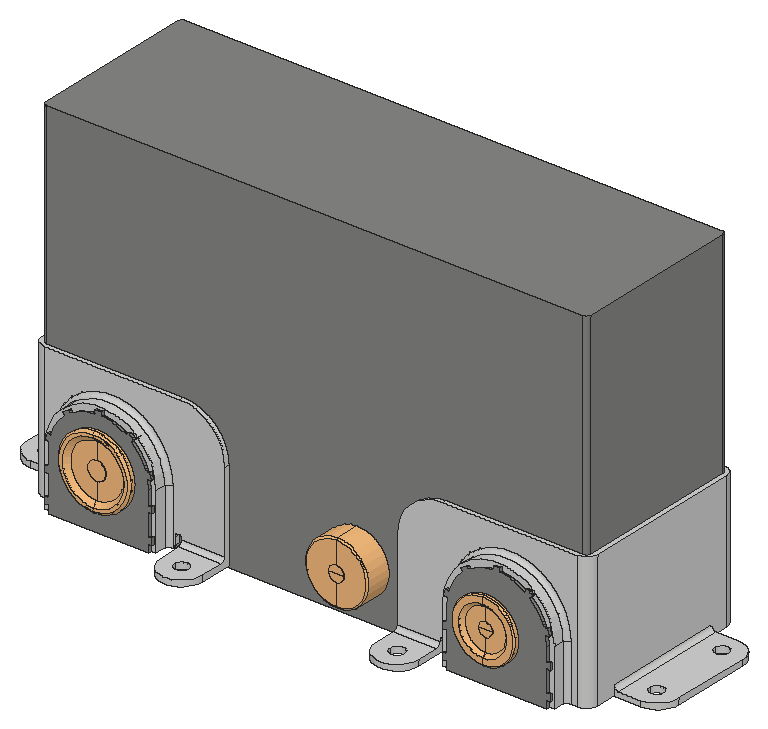
Revit family "Valve-Two_Outlet_Thermostatic-KOHLER-26340W", category Plumbing Fixtures, host Face, Revit 2017
Family settings
  Host = Face
  Round Connector Dimension = Use Diameter
  Part Type = Normal
  OmniClass Number = 23.27.31.00
  OmniClass Title = Valves
  Cut with Voids When Loaded = No
  Shared = No
  Room Calculation Point = No
Parameters (values of type "NA- Not applicable")
  Width = 11 51/128"  # constant formula
  WaterSense Certified = 1 = 0  # no
  Waste Connection = 1 = 0  # no
  Vent Connection = 1 = 0  # no
  Tempered Water Outlet 2 Up [instance] = no
  Tempered Water Outlet 1 Up [instance] = no
  Tempered Water Outlet 2 = "Tempered Water Outlet 2"  # constant formula
  Tempered Water Outlet 1 = "Tempered Water Outlet 1"  # constant formula
  URL = "https://www.kohler.co.uk/"
  Type = 1
  Product Page URL = ""
  Product Name = ""
  Product Documentation Link = ""
  Pressure = 0.00 psi
  Model = "26340W-NA"  # constant formula
  Material = "Plastic"  # constant formula
  Master Format 2014 Name = "Control Valves"  # constant formula
  Master Format 2014 = "23 09 13.33"  # constant formula
  Manufacturer Address = "Cromwell Road, Cheltenham, Gloucestershire. GL52 5EP Registered in England No. 252115\r\n"  # constant formula
  Manufacturer = "KOHLER Co."  # constant formula
  Length = 6 13/128"  # constant formula
  Hot Water Inlet = "Hot Water Inlet"  # constant formula
  Height = 4 113/128"  # constant formula
  HW Connection = 1 = 1  # yes
  Flow Rate = 1.75 GPM  # constant formula
  Finish = Kohler-Plastic-58-Thunder_Grey
  Environmental Product Declaration = ""
  Description = "Recessed thermostatic valve-2-outlet"  # constant formula
  Default Elevation = 42"
  Declare Label = ""
  Date Modified = "02/12/2021"  # constant formula
  Date Created = "02/12/2021"  # constant formula
  Copyright = "Copyright KOHLER Co."  # constant formula
  Contact Us = "https://www.kohler.co.uk/support/contact/"
  Cold Water Inlet = "Cold Water Inlet"  # constant formula
  CW Connection = 1 = 1  # yes
  Tempered Water Outlet 2 Down [instance] = not(Tempered Water Outlet 2 Up)  # yes
  Tempered Water Outlet 1 Down [instance] = not(Tempered Water Outlet 1 Up)  # yes
  Assembly Code = "D2020"
  ADA Compliant = 1 = 0  # no
Reference planes (in)
  plane 1 "Center (Front/Back)": y = 0
  plane 2: z = 0
  plane 3 "Center (Left/Right)": x = 0
  plane 4: y = 2.44094
  plane 5: y = -2.44188
  plane 6: y = 1.98819
  plane 7: y = -1.98819
  plane 8: z = 0
  plane 9: z = -5.21654
  plane 10: z = -5.11811
  plane 11: x = -5.69882
  plane 12: x = 5.69962
  plane 13: x = 3.29724
  plane 14: x = 0.73819
  plane 15: x = -3.48914
  plane 16: x = -4.85236
  plane 17: x = 4.85236
  plane 18: y = -1.51575
  plane 19: y = 1.51575
  plane 20: z = -6.10156
  plane 21: y = 0.70866
  plane 22: y = -0.70866
  plane 23: x = -5.3248
  plane 24: x = 5.3248
  plane 25: x = -1.87992
  plane 26: x = 1.87992
Forms (in)
  Extrusion 1, void
    sketch origin (0, 0, 0) x (1, 0, 0) y (0, 1, 0)
      loop
        line (-4.85236, 1.59449) -> (-4.85236, -1.59449) -> (4.85236, -1.59449) -> (4.85236, 1.59449) -> (-4.85236, 1.59449)
    from -6.10236 to 1.46474
  Extrusion 2, void
    sketch origin (0, 0, 0) x (1, 0, 0) y (0, 0, 1)
      loop
        line (-5.69882, -3.72047) -> (-5.69882, -6.10236) -> (5.69882, -6.10236) -> (5.69882, -3.72047) -> (-5.69882, -3.72047)
    from -2.44094 to 2.44094
Dimensions and locks (in)
  locked: plane 17 to plane 16 at 9.70472
  locked: plane 19 to plane 18 at 3.0315
  locked: plane 6 to plane 7 at 3.97638
  "Length": level to plane 20
  locked: plane 10 to plane 20 at 0.98345
  locked: plane 9 to plane 20 at 0.88503
  "Width": plane 11 to plane 12
  "Height": plane 4 to plane 5
  locked: plane 22 to plane 21 at 1.41732
  locked: plane 25 to plane 13 at 5.17717
  aligned and locked: plane 2 to host face
  aligned and locked: level to host face
  aligned and locked: plane 8 to nested 1
  aligned and locked: plane 8 to level
  aligned and locked: plane 10 to nested 1
  aligned and locked: plane 20 to nested 1
Automatic sketch dimensions
  host sketch curve to host sketch curve = 96"  (x2)
  plane 11 to Extrusion 2 sketch curve = 0"
  Extrusion 2 sketch curve to plane 12 = 0.0008"
  plane 20 to Extrusion 2 sketch curve = 0.0008"
  Extrusion 2 sketch curve to plane 20 = 2.38109"
  Extrusion 1 sketch curve to plane 16 = 0"
  Extrusion 1 sketch curve to plane 17 = 0"
  plane 18 to Extrusion 1 sketch curve = 0.07874"
  plane 19 to Extrusion 1 sketch curve = 0.07874"
Nested families (in)
  nested 1: "K-26340IN" at (0, 0, -6.10236), type "K-26340IN"
Connectors (in)
  piping at (-3.48914, -1.90938, -5.11811), diameter 0.75, driven by "Flow Rate", driven by "HW Connection", driven by "Hot Water Inlet"
    settings: on nested 1, index 1, connector inside diameter 24", connector length 0", flow factor 0, pipe flow 1.75 GPM, pressure drop 0.00 psi, fitting loss kfactor 0, connector angle 0.00°, fixture units 0, engagement length 0", angle of deflection 0.00°, flow configuration 1, flow direction 1, fitting loss method 0, system type 19, joint type 0, gender type 0, connector reference index -1, connector utility 1, adjustable connector no, is connector primary yes, connector description "Hot Water Inlet"
  piping at (-3.48914, 1.90938, -5.11811), diameter 0.75, driven by "Flow Rate", driven by "CW Connection", driven by "Cold Water Inlet"
    settings: on nested 1, index 2, connector inside diameter 24", connector length 0", flow factor 0, pipe flow 1.75 GPM, pressure drop 0.00 psi, fitting loss kfactor 0, connector angle 0.00°, fixture units 0, engagement length 0", angle of deflection 0.00°, flow configuration 1, flow direction 1, fitting loss method 0, system type 20, joint type 0, gender type 0, connector reference index -1, connector utility 1, adjustable connector no, is connector primary no, connector description "Cold Water Inlet"
  piping at (0.73819, -1.9685, -5.21654), diameter 0.5, driven by "Flow Rate", driven by "HW Connection", driven by "Tempered Water Outlet 1"
    settings: on nested 1, index 3, connector inside diameter 24", connector length 0", flow factor 0, pipe flow 1.75 GPM, pressure drop 0.00 psi, fitting loss kfactor 0, connector angle 0.00°, fixture units 0, engagement length 0", angle of deflection 0.00°, flow configuration 1, flow direction 2, fitting loss method 0, system type 19, joint type 0, gender type 0, connector reference index -1, connector utility 1, adjustable connector no, is connector primary no, connector description "Tempered Water Outlet 1"
  piping at (3.29724, -1.90938, -5.21654), diameter 0.5, driven by "Flow Rate", driven by "HW Connection", driven by "Tempered Water Outlet 2"
    settings: on nested 1, index 4, connector inside diameter 24", connector length 0", flow factor 0, pipe flow 1.75 GPM, pressure drop 0.00 psi, fitting loss kfactor 0, connector angle 0.00°, fixture units 0, engagement length 0", angle of deflection 0.00°, flow configuration 1, flow direction 2, fitting loss method 0, system type 19, joint type 0, gender type 0, connector reference index -1, connector utility 1, adjustable connector no, is connector primary no, connector description "Tempered Water Outlet 2"
Definition of nested family "K-26340IN"
  Parameters (values of type "K-26340")
    Top connector 2 = no
    Top connector 1 = no
    Material = none
    Connetor2 angel = if(Top connector 2, 0.00°, 180.00°)  # 180.00°
    Connector2 Distance = if(Top connector 2, 3.0315", 0")  # 0"
    Connector1 angel = if(Top connector 1, 180.00°, 0.00°)  # 0.00°
    Connector1 Distance = if(Top connector 1, 0", 3.0315")  # 3.0315"
    Bottum Connector 2 = not(Top connector 2)  # yes
    Bottum Connector 1 = not(Top connector 1)  # yes
  Reference planes (in)
    plane 1 "Center (Front/Back)": y = 0
    plane 2: z = 0
    plane 3 "Center (Left/Right)": x = 0
    plane 4: x = -5.69882
    plane 5: y = 2.44094
    plane 6: y = -2.44094
    plane 7: z = 6.10236
    plane 8 "2": x = 3.29724
    plane 9 "1": x = -3.48914
    plane 10: z = 0.98425
    plane 11 "A": z = 0.88583
    plane 12: y = 1.98819
    plane 13: y = -1.98819
    plane 14: x = -1.87992
    plane 15: x = 5.69882
    plane 16: y = 1.51575
    plane 17: y = -1.51575
    plane 18: x = 1.87992
    plane 19 "3": x = 0.73819
    plane 20: x = 4.85236
    plane 21: x = -4.85236
    plane 22: y = -1.51575
    plane 23: y = -1.51575
    plane 24: z = 0
    plane 25: y = 0.70866
    plane 26: y = -0.70866
    plane 27: x = -5.3248
    plane 28: x = 5.3248
  Forms (in)
    Extrusion 1, solid, material <- "Material", detail levels medium+fine
      sketch origin (0, 0, 0) x (1, 0, 0) y (0, 1, 0)
        loop
          line (4.6752, 1.51575) -> (-4.6752, 1.51575)
          arc (-4.6752, 1.51575) -> (-4.73087, 1.49269) -> (-4.75394, 1.43701) r 0.07874
          line (-4.75394, 1.43701) -> (-4.75394, -1.43701)
          arc (-4.75394, -1.43701) -> (-4.73087, -1.49269) -> (-4.6752, -1.51575) r 0.07874
          line (-4.6752, -1.51575) -> (4.6752, -1.51575)
          arc (4.6752, -1.51575) -> (4.73087, -1.49269) -> (4.75394, -1.43701) r 0.07874
          line (4.75394, -1.43701) -> (4.75394, 1.43701)
          arc (4.75394, 1.43701) -> (4.73087, 1.49269) -> (4.6752, 1.51575) r 0.07874
      from 0 to 6.10236
    Extrusion 2, solid, detail levels medium+fine
      sketch origin (0, 0, 0) x (1, 0, 0) y (0, 0, 1)
        loop
          line (-2.29331, 2.38189) -> (-4.85236, 2.38189) -> (-4.85236, 0.01969) -> (-2.42323, 0.01969)
          arc (-2.42323, 0.01969) -> (-2.38704, 0.03468) -> (-2.37205, 0.07087) r 0.05118
          line (-2.37205, 0.07087) -> (-2.37205, 0.2165)
          arc (-2.37205, 0.2165) -> (-2.31299, 0.27556) -> (-2.25394, 0.2165) r 0.05906
          line (-2.25394, 0.2165) -> (-2.25394, 0.01969) -> (-1.50591, 0.01969) -> (-1.50591, 1.59449)
          arc (-1.50591, 1.59449) -> (-1.73653, 2.15127) -> (-2.29331, 2.38189) r 0.7874
        loop
          arc (2.29331, 2.38189) -> (1.73653, 2.15127) -> (1.50591, 1.59449) r 0.7874
          line (1.50591, 1.59449) -> (1.50591, 0.01969) -> (2.25394, 0.01969) -> (2.25394, 0.2165)
          arc (2.25394, 0.2165) -> (2.31299, 0.27556) -> (2.37205, 0.2165) r 0.05906
          line (2.37205, 0.2165) -> (2.37205, 0.07087)
          arc (2.37205, 0.07087) -> (2.38704, 0.03468) -> (2.42323, 0.01969) r 0.05118
          line (2.42323, 0.01969) -> (4.85236, 0.01969) -> (4.85236, 2.38189) -> (2.29331, 2.38189)
      from -1.59449 to 1.59449
    Sweep 3, void
      path in 3D
        loop
          line (-4.85236, -1.59449, 2.38189) -> (-4.85236, -1.59449, 0.01969)
      profile origin (-4.85236, -1.59449, 1.20079) x (-1, 0, 0) y (0, -1, 0)
        loop
          line (0, -0.19685) -> (0, 0) -> (-0.19685, 0)
          arc (-0.19685, 0) -> (-0.05766, -0.05766) -> (0, -0.19685) r 0.19685
    Sweep 4, void
      path in 3D
        loop
          line (-4.85236, 1.59449, 2.38189) -> (-4.85236, 1.59449, 0.01969)
      profile origin (-4.85236, 1.59449, 1.20079) x (-1, 0, 0) y (0, -1, 0)
        loop
          arc (0, 0.19685) -> (-0.05766, 0.05766) -> (-0.19685, 0) r 0.19685
          line (-0.19685, 0) -> (0, 0) -> (0, 0.19685)
    Sweep 5, void
      path in 3D
        loop
          line (4.85236, -1.59449, 2.38189) -> (4.85236, -1.59449, 0.01969)
      profile origin (4.85236, -1.59449, 1.20079) x (1, 0, 0) y (0, 1, 0)
        loop
          arc (0, 0.19685) -> (-0.05766, 0.05766) -> (-0.19685, 0) r 0.19685
          line (-0.19685, 0) -> (0, 0) -> (0, 0.19685)
    Sweep 6, void
      path in 3D
        loop
          line (4.85236, 1.59449, 2.38189) -> (4.85236, 1.59449, 0.01969)
      profile origin (4.85236, 1.59449, 1.20079) x (1, 0, 0) y (0, 1, 0)
        loop
          line (0, -0.19685) -> (0, 0) -> (-0.19685, 0)
          arc (-0.19685, 0) -> (-0.05766, -0.05766) -> (0, -0.19685) r 0.19685
    Extrusion 7, solid, detail levels medium+fine
      sketch origin (0, 0, 0) x (1, 0, 0) y (0, 1, 0)
        loop
          line (-4.85236, 1.06299) -> (-5.3248, 1.06299)
          arc (-5.3248, 1.06299) -> (-5.58927, 0.95345) -> (-5.69882, 0.68898) r 0.37402
          line (-5.69882, 0.68898) -> (-5.69882, -0.68898)
          arc (-5.69882, -0.68898) -> (-5.58927, -0.95345) -> (-5.3248, -1.06299) r 0.37402
          line (-5.3248, -1.06299) -> (-4.85236, -1.06299) -> (-4.85236, 1.06299)
        loop
          line (4.85236, 1.06299) -> (4.85236, -1.06299) -> (5.3248, -1.06299)
          arc (5.3248, -1.06299) -> (5.58927, -0.95345) -> (5.69882, -0.68898) r 0.37402
          line (5.69882, -0.68898) -> (5.69882, 0.68898)
          arc (5.69882, 0.68898) -> (5.58927, 0.95345) -> (5.3248, 1.06299) r 0.37402
          line (5.3248, 1.06299) -> (4.85236, 1.06299)
        loop
          circle (-5.3248, 0.70866) r 0.12598
        loop
          circle (-5.3248, -0.70866) r 0.12598
        loop
          circle (5.3248, 0.70866) r 0.12598
        loop
          circle (5.3248, -0.70866) r 0.12598
        loop
          arc (-2.25393, -2.06693) -> (-1.87992, -2.44094) -> (-1.50591, -2.06693) r 0.37401
          line (-1.50591, -2.06693) -> (-1.50591, -1.59449) -> (-2.25393, -1.59449) -> (-2.25393, -2.06693)
        loop
          line (2.25393, -2.06693) -> (2.25393, -1.59449) -> (1.50591, -1.59449) -> (1.50591, -2.06693)
          arc (1.50591, -2.06693) -> (1.87992, -2.44094) -> (2.25393, -2.06693) r 0.37401
        loop
          line (-2.25393, 2.06693) -> (-2.25393, 1.59449) -> (-1.50591, 1.59449) -> (-1.50591, 2.06693)
          arc (-1.50591, 2.06693) -> (-1.87992, 2.44094) -> (-2.25393, 2.06693) r 0.37401
        loop
          arc (2.25393, 2.06693) -> (1.87992, 2.44094) -> (1.50591, 2.06693) r 0.37401
          line (1.50591, 2.06693) -> (1.50591, 1.59449) -> (2.25393, 1.59449) -> (2.25393, 2.06693)
        loop
          circle (-1.87992, -2.06693) r 0.12598
        loop
          circle (1.87992, -2.06693) r 0.12598
        loop
          circle (-1.87992, 2.06693) r 0.12598
        loop
          circle (1.87992, 2.06693) r 0.12598
      from 0.01969 to 0.11811
    Extrusion 8, solid, detail levels medium+fine
      sketch origin (1.27953, 0, 0) x (1, 0, 0) y (0, 0, 1)
        loop
          line (-3.77953, 0.01969) -> (-3.77953, 0.98689)
          arc (-3.77953, 0.98689) -> (-4.75394, 1.9613) -> (-5.72835, 0.98689) r 0.97441
          line (-5.72835, 0.98689) -> (-5.72835, 0.01969) -> (-3.77953, 0.01969)
        loop
          line (1.22047, 0.99085) -> (1.22047, 0.01969) -> (3.16929, 0.01969) -> (3.16929, 0.99085)
          arc (3.16929, 0.99085) -> (2.19488, 1.96526) -> (1.22047, 0.99085) r 0.97441
      from -1.85039 to 1.85039
    Extrusion 9, solid, material <- "Material", detail levels medium+fine
      sketch origin (-1.27953, 0, 0) x (1, 0, 0) y (0, 0, 1)
        loop
          line (-3.07087, 0.62992) -> (-3.07087, 0.25591) -> (-3.12992, 0.25591) -> (-3.12992, 0.1378) -> (-3.07087, 0.1378) -> (-3.07087, 0) -> (-1.3189, 0) -> (-1.3189, 0.1378) -> (-1.25984, 0.1378) -> (-1.25984, 0.25591) -> (-1.3189, 0.25591) -> (-1.3189, 0.62992) -> (-1.25984, 0.62992) -> (-1.25984, 0.74803) -> (-1.3189, 0.74803) -> (-1.3189, 0.98425)
          arc (-1.3189, 0.98425) -> (-1.32232, 1.06162) -> (-1.33257, 1.13839) r 0.87598
          line (-1.33257, 1.13839) -> (-1.27514, 1.15271) -> (-1.30372, 1.26731) -> (-1.36114, 1.25299)
          arc (-1.36114, 1.25299) -> (-1.46022, 1.46135) -> (-1.61026, 1.63661) r 0.87598
          line (-1.61026, 1.63661) -> (-1.57383, 1.68324) -> (-1.6669, 1.75596) -> (-1.70334, 1.70932)
          arc (-1.70334, 1.70932) -> (-1.90969, 1.81251) -> (-2.13583, 1.85824) r 0.87598
          line (-2.13583, 1.85824) -> (-2.13583, 1.91742) -> (-2.25394, 1.91742) -> (-2.25394, 1.85824)
          arc (-2.25394, 1.85824) -> (-2.48007, 1.81251) -> (-2.68643, 1.70932) r 0.87598
          line (-2.68643, 1.70932) -> (-2.72286, 1.75596) -> (-2.81594, 1.68324) -> (-2.7795, 1.63661)
          arc (-2.7795, 1.63661) -> (-2.92954, 1.46135) -> (-3.02863, 1.25299) r 0.87598
          line (-3.02863, 1.25299) -> (-3.08605, 1.26731) -> (-3.11462, 1.15271) -> (-3.0572, 1.13839)
          arc (-3.0572, 1.13839) -> (-3.06744, 1.06162) -> (-3.07087, 0.98425) r 0.87598
          line (-3.07087, 0.98425) -> (-3.07087, 0.74803) -> (-3.12992, 0.74803) -> (-3.12992, 0.62992) -> (-3.07087, 0.62992)
        loop
          line (3.87795, 0.62992) -> (3.87795, 0.25591) -> (3.8189, 0.25591) -> (3.8189, 0.1378) -> (3.87795, 0.1378) -> (3.87795, 0) -> (5.62992, 0) -> (5.62992, 0.1378) -> (5.68898, 0.1378) -> (5.68898, 0.25591) -> (5.62992, 0.25591) -> (5.62992, 0.62992) -> (5.68898, 0.62992) -> (5.68898, 0.74803) -> (5.62992, 0.74803) -> (5.62992, 0.98425)
          arc (5.62992, 0.98425) -> (5.6265, 1.06162) -> (5.61625, 1.13839) r 0.87598
          line (5.61625, 1.13839) -> (5.67368, 1.15271) -> (5.6451, 1.26731) -> (5.58768, 1.25299)
          arc (5.58768, 1.25299) -> (5.4886, 1.46135) -> (5.33856, 1.63661) r 0.87598
          line (5.33856, 1.63661) -> (5.37499, 1.68324) -> (5.28192, 1.75596) -> (5.24548, 1.70932)
          arc (5.24548, 1.70932) -> (5.03913, 1.81251) -> (4.81299, 1.85824) r 0.87598
          line (4.81299, 1.85824) -> (4.81299, 1.91742) -> (4.69488, 1.91742) -> (4.69488, 1.85824)
          arc (4.69488, 1.85824) -> (4.46874, 1.81251) -> (4.26239, 1.70932) r 0.87598
          line (4.26239, 1.70932) -> (4.22595, 1.75596) -> (4.13288, 1.68324) -> (4.16932, 1.63661)
          arc (4.16932, 1.63661) -> (4.01927, 1.46135) -> (3.92019, 1.25299) r 0.87598
          line (3.92019, 1.25299) -> (3.86277, 1.26731) -> (3.8342, 1.15271) -> (3.89162, 1.13839)
          arc (3.89162, 1.13839) -> (3.88138, 1.06162) -> (3.87795, 0.98425) r 0.87598
          line (3.87795, 0.98425) -> (3.87795, 0.74803) -> (3.8189, 0.74803) -> (3.8189, 0.62992) -> (3.87795, 0.62992)
        loop
          circle (-2.20961, 0.98425) r 0.54335
        loop
          circle (4.57677, 0.88583) r 0.41841
      from -1.92913 to 1.88976
    Revolve 10, solid, detail levels medium+fine
      sketch origin (-3.48914, 0, 0) x (0, 0, 1) y (0, -1, 0)
        loop
          line (1.5276, -1.98819) -> (1.58464, -1.98819) -> (1.62406, -1.94877) -> (1.62406, -1.51575) -> (0.98425, -1.51575) -> (0.98425, -1.90938) -> (1.44879, -1.90938) -> (1.5276, -1.98819)
        loop
          line (1.5276, 1.98819) -> (1.44879, 1.90938) -> (0.98425, 1.90938) -> (0.98425, 1.51575) -> (1.62406, 1.51575) -> (1.62406, 1.94877) -> (1.58464, 1.98819) -> (1.5276, 1.98819)
        axis (0.98425, -1.98819) -> (0.98425, 1.98819)
      angle from 0 to 360
    Revolve 11, solid, detail levels medium+fine
      sketch origin (3.29724, 0, 0) x (0, 0, -1) y (0, -1, 0)
        loop
          line (-1.43701, 1.94331) -> (-1.43701, 1.61417) -> (-0.88583, 1.61417) -> (-0.88583, 1.90938) -> (-1.24512, 1.90938) -> (-1.30424, 1.9685) -> (-1.41732, 1.9685) -> (-1.43701, 1.94331)
        loop
          line (-1.43701, -1.94331) -> (-1.41732, -1.9685) -> (-1.30424, -1.9685) -> (-1.24512, -1.90938) -> (-0.88583, -1.90938) -> (-0.88583, -1.61417) -> (-1.43701, -1.61417) -> (-1.43701, -1.94331)
        axis (-0.88583, 1.9685) -> (-0.88583, -1.9685)
      angle from 0 to 360
    Sweep 12, solid, detail levels medium+fine
      path in 3D
        loop
          line (2.5, 1.59449, 0.01969) -> (2.5, 1.59449, 0.99085)
          arc (2.5, 1.59449, 0.99085) -> (3.47441, 1.59449, 1.96526) -> (4.44882, 1.59449, 0.99085) r 0.97441
          line (4.44882, 1.59449, 0.99085) -> (4.44882, 1.59449, 0.01969)
      profile origin (2.5, 1.59449, 0.50527) x (0, 1, 0) y (-1, 0, 0)
        loop
          arc (0.07874, 0) -> (0.02306, 0.02306) -> (0, 0.07874) r 0.07874
          line (0, 0.07874) -> (0, 0) -> (0.07874, 0)
    Sweep 13, solid, detail levels medium+fine
      path in 3D
        loop
          line (-4.44882, -1.59449, 0.01969) -> (-4.44882, -1.59449, 0.99085)
          arc (-4.44882, -1.59449, 0.99085) -> (-3.47441, -1.59449, 1.96526) -> (-2.5, -1.59449, 0.99085) r 0.97441
          line (-2.5, -1.59449, 0.99085) -> (-2.5, -1.59449, 0.01969)
      profile origin (-4.44882, -1.59449, 0.50527) x (0, 1, 0) y (-1, 0, 0)
        loop
          line (-0.07874, 0) -> (0, 0) -> (0, 0.07874)
          arc (0, 0.07874) -> (-0.02306, 0.02306) -> (-0.07874, 0) r 0.07874
    Sweep 14, solid, detail levels medium+fine
      path in 3D
        loop
          line (-4.44882, 1.59449, 0.01969) -> (-4.44882, 1.59449, 0.99085)
          arc (-4.44882, 1.59449, 0.99085) -> (-3.47441, 1.59449, 1.96526) -> (-2.5, 1.59449, 0.99085) r 0.97441
          line (-2.5, 1.59449, 0.99085) -> (-2.5, 1.59449, 0.01969)
      profile origin (-4.44882, 1.59449, 0.50527) x (0, 1, 0) y (-1, 0, 0)
        loop
          arc (0.07874, 0) -> (0.02306, 0.02306) -> (0, 0.07874) r 0.07874
          line (0, 0.07874) -> (0, 0) -> (0.07874, 0)
    Extrusion 15, solid, detail levels medium+fine
      sketch origin (0, 0, 0) x (1, 0, 0) y (0, 0, 1)
        loop
          line (-3.57283, 0.11811) -> (-3.57283, 0.19685)
          arc (-3.57283, 0.19685) -> (-3.5959, 0.14117) -> (-3.65157, 0.11811) r 0.07874
          line (-3.65157, 0.11811) -> (-3.57283, 0.11811)
        loop
          line (3.57283, 0.11811) -> (3.65157, 0.11811)
          arc (3.65157, 0.11811) -> (3.5959, 0.14117) -> (3.57283, 0.19685) r 0.07874
          line (3.57283, 0.19685) -> (3.57283, 0.11811)
      from -1.06299 to 1.06299
    Extrusion 16, solid, detail levels medium+fine
      sketch origin (0, 0, 0) x (0, 1, 0) y (0, 0, 1)
        loop
          line (-1.67323, 0.11811) -> (-1.59449, 0.11811) -> (-1.59449, 0.19685)
          arc (-1.59449, 0.19685) -> (-1.61755, 0.14117) -> (-1.67323, 0.11811) r 0.07874
        loop
          arc (1.67323, 0.11811) -> (1.61755, 0.14117) -> (1.59449, 0.19685) r 0.07874
          line (1.59449, 0.19685) -> (1.59449, 0.11811) -> (1.67323, 0.11811)
      from 1.50591 to 2.25394
    Extrusion 17, solid, detail levels medium+fine
      sketch origin (0, 0, 0) x (0, 1, 0) y (0, 0, 1)
        loop
          line (-1.67323, 0.11811) -> (-1.59449, 0.11811) -> (-1.59449, 0.19685)
          arc (-1.59449, 0.19685) -> (-1.61755, 0.14117) -> (-1.67323, 0.11811) r 0.07874
        loop
          arc (1.67323, 0.11811) -> (1.61755, 0.14117) -> (1.59449, 0.19685) r 0.07874
          line (1.59449, 0.19685) -> (1.59449, 0.11811) -> (1.67323, 0.11811)
      from -2.25394 to -1.50591
    Extrusion 18, solid, material <- "Material", detail levels coarse
      sketch origin (0, 0, 0) x (1, 0, 0) y (0, 1, 0)
        loop
          line (4.75394, 1.51575) -> (-4.75394, 1.51575) -> (-4.75394, -1.51575) -> (4.75394, -1.51575) -> (4.75394, 1.51575)
      from 0 to 6.10236
    Extrusion 19, solid, material <- "Material", detail levels coarse
      sketch origin (-1.27953, 0, 0) x (1, 0, 0) y (0, 0, 1)
        loop
          line (-1.3189, 0) -> (-1.3189, 0.9897)
          arc (-1.3189, 0.9897) -> (-2.19488, 1.86569) -> (-3.07087, 0.9897) r 0.87598
          line (-3.07087, 0.9897) -> (-3.07087, 0) -> (-1.3189, 0)
        loop
          line (5.62992, 0) -> (5.62992, 0.9897)
          arc (5.62992, 0.9897) -> (4.75394, 1.86569) -> (3.87795, 0.9897) r 0.87598
          line (3.87795, 0.9897) -> (3.87795, 0) -> (5.62992, 0)
      from -1.92913 to 1.88976
    Extrusion 20, solid, detail levels coarse
      sketch origin (0, 0, 0) x (1, 0, 0) y (0, 1, 0)
        loop
          line (4.85236, 1.59449) -> (1.50591, 1.59449) -> (1.50591, 1.51575) -> (4.75394, 1.51575) -> (4.75394, -1.51575) -> (1.50591, -1.51575) -> (1.50591, -1.59449) -> (4.85236, -1.59449) -> (4.85236, 1.59449)
        loop
          line (-4.85236, 1.59449) -> (-4.85236, -1.59449) -> (-1.50591, -1.59449) -> (-1.50591, -1.51575) -> (-4.75394, -1.51575) -> (-4.75394, 1.51575) -> (-1.50591, 1.51575) -> (-1.50591, 1.59449) -> (-4.85236, 1.59449)
      from 0 to 2.38189
    Extrusion 21, solid, detail levels coarse
      sketch origin (0, 0, 0) x (1, 0, 0) y (0, 1, 0)
        loop
          line (-5.69882, -1.06299) -> (-4.85236, -1.06299) -> (-4.85236, 1.06299) -> (-5.69882, 1.06299) -> (-5.69882, -1.06299)
        loop
          line (-2.25393, 1.59449) -> (-1.5059, 1.59449) -> (-1.5059, 2.44094) -> (-2.25393, 2.44094) -> (-2.25393, 1.59449)
        loop
          line (1.50591, 1.59449) -> (2.25394, 1.59449) -> (2.25394, 2.44094) -> (1.50591, 2.44094) -> (1.50591, 1.59449)
        loop
          line (-2.25393, -1.59449) -> (-2.25393, -2.44094) -> (-1.5059, -2.44094) -> (-1.5059, -1.59449) -> (-2.25393, -1.59449)
        loop
          line (1.50591, -1.59449) -> (1.50591, -2.44094) -> (2.25394, -2.44094) -> (2.25394, -1.59449) -> (1.50591, -1.59449)
        loop
          line (5.69882, -1.06299) -> (5.69882, 1.06299) -> (4.85236, 1.06299) -> (4.85236, -1.06299) -> (5.69882, -1.06299)
        loop
          circle (-5.3248, 0.70866) r 0.12598
        loop
          circle (-5.3248, -0.70866) r 0.12598
        loop
          circle (-1.87991, 2.06693) r 0.12598
        loop
          circle (1.87993, 2.06693) r 0.12598
        loop
          circle (5.3248, 0.70866) r 0.12598
        loop
          circle (5.3248, -0.70866) r 0.12598
        loop
          circle (-1.87991, -2.06693) r 0.12598
        loop
          circle (1.87993, -2.06693) r 0.12598
      from 0.01969 to 0.11811
    Extrusion 22, solid, detail levels medium+fine
      sketch origin (-1.27953, 0, 0) x (1, 0, 0) y (0, 0, 1)
        loop
          circle (-2.20961, 0.98425) r 0.15748
      from -1.90938 to 1.90938
    Extrusion 23, solid, detail levels coarse
      sketch origin (1.27953, 0, 0) x (1, 0, 0) y (0, 0, 1)
        loop
          circle (-4.76867, 0.98425) r 0.63981
        loop
          circle (2.01772, 0.88583) r 0.55118
      from -1.98819 to 1.98819
    Extrusion 24, solid, detail levels medium+fine
      sketch origin (0, 0, 0) x (1, 0, 0) y (0, 0, 1)
        loop
          line (-4.85236, 0.11811) -> (-4.85236, 0.19685)
          arc (-4.85236, 0.19685) -> (-4.87542, 0.14117) -> (-4.9311, 0.11811) r 0.07874
          line (-4.9311, 0.11811) -> (-4.85236, 0.11811)
        loop
          line (4.85236, 0.11811) -> (4.9311, 0.11811)
          arc (4.9311, 0.11811) -> (4.87542, 0.14117) -> (4.85236, 0.19685) r 0.07874
          line (4.85236, 0.19685) -> (4.85236, 0.11811)
      from -1.06299 to 1.06299
    Revolve 25, solid, detail levels medium+fine
      sketch origin (0.73819, 0, 0) x (0, 0, -1) y (0, -1, 0)
        loop
          line (-0.88583, 1.9685) -> (-1.40868, 1.9685) -> (-1.43701, 1.94018) -> (-1.43701, 1.51575) -> (-0.88583, 1.51575) -> (-0.88583, 1.9685)
        loop
          line (-0.88583, -1.9685) -> (-0.88583, -1.51575) -> (-1.43701, -1.51575) -> (-1.43701, -1.94018) -> (-1.40868, -1.9685) -> (-0.88583, -1.9685)
        axis (-0.88583, 1.9685) -> (-0.88583, -1.9685)
      angle from 0 to 360
    Sweep 26, solid, detail levels medium+fine
      path in 3D
        loop
          line (2.5, -1.59449, 0.01969) -> (2.5, -1.59449, 0.99085)
          arc (2.5, -1.59449, 0.99085) -> (3.47441, -1.59449, 1.96526) -> (4.44882, -1.59449, 0.99085) r 0.97441
          line (4.44882, -1.59449, 0.99085) -> (4.44882, -1.59449, 0.01969)
      profile origin (2.5, -1.59449, 0.50527) x (0, 1, 0) y (-1, 0, 0)
        loop
          line (-0.07874, 0) -> (0, 0) -> (0, 0.07874)
          arc (0, 0.07874) -> (-0.02306, 0.02306) -> (-0.07874, 0) r 0.07874
    Extrusion 27, solid, detail levels coarse
      sketch origin (0, 0, 0) x (1, 0, 0) y (0, 0, 1)
        loop
          circle (0.73819, 0.88583) r 0.55118
      from -1.9685 to 1.9685
    Revolve 28, solid, detail levels medium+fine
      sketch origin (0.73819, -1.51575, 0.88583) x (0, -1, 0) y (1, 0, 0)
        loop
          line (0.45276, 0) -> (0.45276, 0.1335) -> (0.2697, 0.1335) -> (0.2697, 0) -> (0.45276, 0)
        axis (0.45276, 0) -> (0.2697, 0)
      angle from 0 to 360
    Revolve 29, solid, detail levels medium+fine
      sketch origin (3.29724, -3.71496, 0.88583) x (0, 1, 0) y (-1, 0, 0)
        loop
          line (1.80558, 0) -> (1.80558, -0.11811) -> (2.07072, -0.11811) -> (2.07072, 0) -> (1.80558, 0)
        axis (1.80558, 0) -> (2.07072, 0)
      angle from 0 to 360
  Cuts and joins
    joined: Extrusion 1, Extrusion 9
    joined: Revolve 10, Revolve 11, Revolve 25
    joined: Sweep 12, Sweep 13, Sweep 14
    Sweep 3, Sweep 4, Sweep 5, Sweep 6 cuts Extrusion 2
    joined: Extrusion 2, Extrusion 7, Extrusion 8, Extrusion 15, Extrusion 16, Extrusion 17, Extrusion 24
    joined: Extrusion 18, Extrusion 19
    joined: Extrusion 20, Extrusion 21
  Lines and regions (in)
    Masking region 1
      outline origin (0, 0, 0) x (1, 0, 0) y (0, 1, 0)
        loop
          line (-4.85236, 1.39764) -> (-4.85236, 0) -> (-4.85236, -1.39764)
          arc (-4.85236, -1.39764) -> (-4.79471, -1.53683) -> (-4.65551, -1.59449) r 0.19685
          line (-4.65551, -1.59449) -> (0, -1.59449) -> (4.65551, -1.59449)
          arc (4.65551, -1.59449) -> (4.79471, -1.53683) -> (4.85236, -1.39764) r 0.19685
          line (4.85236, -1.39764) -> (4.85236, 0) -> (4.85236, 1.39764)
          arc (4.85236, 1.39764) -> (4.79471, 1.53683) -> (4.65551, 1.59449) r 0.19685
          line (4.65551, 1.59449) -> (0, 1.59449) -> (-4.65551, 1.59449)
          arc (-4.65551, 1.59449) -> (-4.79471, 1.53683) -> (-4.85236, 1.39764) r 0.19685
    Masking region 2, detail levels medium+fine
      outline origin (0, 0, 0) x (1, 0, 0) y (0, 0, 1)
        loop
          line (-4.75394, 6.10236) -> (-4.75394, 2.38189) -> (-4.85236, 2.38189) -> (-4.85236, 0.19685)
          arc (-4.85236, 0.19685) -> (-4.87542, 0.14117) -> (-4.9311, 0.11811) r 0.07874
          line (-4.9311, 0.11811) -> (-5.69882, 0.11811) -> (-5.69882, 0.01969) -> (-4.78006, 0.01969) -> (-4.75394, 0) -> (4.75394, 0) -> (4.78006, 0.01969) -> (5.69882, 0.01969) -> (5.69882, 0.11811) -> (4.9311, 0.11811)
          arc (4.9311, 0.11811) -> (4.87542, 0.14117) -> (4.85236, 0.19685) r 0.07874
          line (4.85236, 0.19685) -> (4.85236, 2.38189) -> (4.75394, 2.38189) -> (4.75394, 6.10236) -> (-4.75394, 6.10236)
    Masking region 3
      outline origin (3.29724, 0, 0) x (0, 0, -1) y (0, -1, 0)
        loop
          line (-6.10236, -1.51575) -> (-2.38189, -1.51575) -> (-2.38189, -1.59449) -> (-2.044, -1.59449)
          arc (-2.044, -1.59449) -> (-1.98832, -1.61755) -> (-1.96526, -1.67323) r 0.07874
          line (-1.96526, -1.67323) -> (-1.96526, -1.85039) -> (-1.91742, -1.85039) -> (-1.91742, -1.92913) -> (-1.64369, -1.92913) -> (-1.58464, -1.98819) -> (-0.38387, -1.98819) -> (-0.35433, -1.9685) -> (-0.32357, -1.92913) -> (-0.11811, -1.92913) -> (-0.11811, -2.44094) -> (-0.01969, -2.44094) -> (-0.01969, -1.95526) -> (0, -1.92913) -> (0, 1.92913) -> (-0.01969, 1.95526) -> (-0.01969, 2.44094) -> (-0.11811, 2.44094) -> (-0.11811, 1.88976) -> (-0.33465, 1.88976) -> (-0.33465, 1.94331) -> (-0.38387, 1.98819) -> (-1.58464, 1.98819) -> (-1.62406, 1.94877) -> (-1.62406, 1.88976) -> (-1.91742, 1.88976) -> (-1.91742, 1.85039) -> (-1.96526, 1.85039) -> (-1.96526, 1.67323)
          arc (-1.96526, 1.67323) -> (-1.98832, 1.61755) -> (-2.044, 1.59449) r 0.07874
          line (-2.044, 1.59449) -> (-2.38189, 1.59449) -> (-2.38189, 1.51575) -> (-6.10236, 1.51575) -> (-6.10236, -1.51575)
    sketch lines
      curve 1: line (-4.85236, -1.59449, 2.38189) -> (-4.85236, -1.59449, 0.01969)
      curve 2: line (-4.85236, 1.59449, 2.38189) -> (-4.85236, 1.59449, 0.01969)
      curve 3: line (4.85236, -1.59449, 2.38189) -> (4.85236, -1.59449, 0.01969)
      curve 4: line (4.85236, 1.59449, 2.38189) -> (4.85236, 1.59449, 0.01969)
      curve 5: line (2.5, 1.59449, 0.01969) -> (2.5, 1.59449, 0.99085)
      curve 6: arc (4.44882, 1.59449, 0.99085) -> (3.47441, 1.59449, 1.96526) -> (2.5, 1.59449, 0.99085) r 0.97441
      curve 7: line (4.44882, 1.59449, 0.99085) -> (4.44882, 1.59449, 0.01969)
      curve 8: line (-4.44882, -1.59449, 0.01969) -> (-4.44882, -1.59449, 0.99085)
      curve 9: arc (-2.5, -1.59449, 0.99085) -> (-3.47441, -1.59449, 1.96526) -> (-4.44882, -1.59449, 0.99085) r 0.97441
      curve 10: line (-2.5, -1.59449, 0.99085) -> (-2.5, -1.59449, 0.01969)
      curve 11: line (-4.44882, 1.59449, 0.01969) -> (-4.44882, 1.59449, 0.99085)
      curve 12: arc (-2.5, 1.59449, 0.99085) -> (-3.47441, 1.59449, 1.96526) -> (-4.44882, 1.59449, 0.99085) r 0.97441
      curve 13: line (-2.5, 1.59449, 0.99085) -> (-2.5, 1.59449, 0.01969)
      curve 203: line (2.5, -1.59449, 0.01969) -> (2.5, -1.59449, 0.99085)
      curve 204: arc (4.44882, -1.59449, 0.99085) -> (3.47441, -1.59449, 1.96526) -> (2.5, -1.59449, 0.99085) r 0.97441
      curve 205: line (4.44882, -1.59449, 0.99085) -> (4.44882, -1.59449, 0.01969)
    symbolic lines, detail levels medium+fine
      curve 14: line (4.6752, 1.51575, 0) -> (-4.6752, 1.51575, 0)
      curve 15: arc (-4.6752, 1.51575, 0) -> (-4.73087, 1.49269, 0) -> (-4.75394, 1.43701, 0) r 0.07874
      curve 16: line (-4.75394, 1.43701, 0) -> (-4.75394, -1.43701, 0)
      curve 17: line (-4.6752, -1.51575, 0) -> (4.6752, -1.51575, 0)
      curve 18: arc (-4.75394, -1.43701, 0) -> (-4.73087, -1.49269, 0) -> (-4.6752, -1.51575, 0) r 0.07874
      curve 19: arc (4.6752, -1.51575, 0) -> (4.73087, -1.49269, 0) -> (4.75394, -1.43701, 0) r 0.07874
      curve 20: line (4.75394, -1.43701, 0) -> (4.75394, 1.43701, 0)
      curve 21: arc (4.75394, 1.43701, 0) -> (4.73087, 1.49269, 0) -> (4.6752, 1.51575, 0) r 0.07874
      curve 22: line (-1.50591, 1.59449, 0) -> (-4.52756, 1.59449, 0)
      curve 23: line (-2.29331, 0, 2.38189) -> (-4.85236, 0, 2.38189)
      curve 24: arc (-1.50591, 0, 1.59449) -> (-1.73653, 0, 2.15127) -> (-2.29331, 0, 2.38189) r 0.7874
      curve 25: line (-1.50591, 0, 0.01969) -> (-1.50591, 0, 1.59449)
      curve 26: arc (-2.37205, 0, 0.2165) -> (-2.31299, 0, 0.27556) -> (-2.25394, 0, 0.2165) r 0.05906
      curve 27: line (-2.25394, 0, 0.2165) -> (-2.25394, 0, 0.01969)
      curve 28: line (-2.37205, 0, 0.07087) -> (-2.37205, 0, 0.2165)
      curve 29: arc (-2.42323, 0, 0.01969) -> (-2.38704, 0, 0.03468) -> (-2.37205, 0, 0.07087) r 0.05118
      curve 30: line (-2.25394, 0, 0.01969) -> (-1.50591, 0, 0.01969)
      curve 31: line (-1.50591, 0, 0.11811) -> (-2.25394, 0, 0.11811)
      curve 32: line (-2.42323, 0, 0.01969) -> (-2.59843, 0, 0.01969)
      curve 33: line (-4.35039, 0, 0.01969) -> (-5.17551, 0, 0.01969)
      curve 34: arc (-3.48914, 0, 0.51971) -> (-3.95368, 0, 0.98425) -> (-3.48914, 0, 1.44879) r 0.46454
      curve 35: arc (-3.48914, 0, 0.4409) -> (-4.03249, 0, 0.98425) -> (-3.48914, 0, 1.5276) r 0.54335
      curve 36: arc (-3.48914, 0, 1.58464) -> (-4.08953, 0, 0.98425) -> (-3.48914, 0, 0.38387) r 0.60038
      curve 37: arc (-3.48914, 0, 1.62406) -> (-4.12895, 0, 0.98425) -> (-3.48914, 0, 0.34445) r 0.63981
      curve 38: arc (-3.48914, 0, 0.34445) -> (-2.84934, 0, 0.98425) -> (-3.48914, 0, 1.62406) r 0.63981
      curve 39: arc (-3.48914, 0, 0.38387) -> (-2.88876, 0, 0.98425) -> (-3.48914, 0, 1.58464) r 0.60038
      curve 40: arc (-3.48914, 0, 1.5276) -> (-2.94579, 0, 0.98425) -> (-3.48914, 0, 0.4409) r 0.54335
      curve 41: arc (-3.48914, 0, 1.44879) -> (-3.0246, 0, 0.98425) -> (-3.48914, 0, 0.51971) r 0.46454
      curve 42: line (-4.35039, 0, 0.1378) -> (-4.35039, 0, 0)
      curve 43: line (-4.40945, 0, 0.1378) -> (-4.35039, 0, 0.1378)
      curve 44: line (-4.40945, 0, 0.25591) -> (-4.40945, 0, 0.1378)
      curve 45: line (-4.35039, 0, 0.25591) -> (-4.40945, 0, 0.25591)
      curve 46: line (-4.35039, 0, 0.62992) -> (-4.35039, 0, 0.25591)
      curve 47: line (-4.40945, 0, 0.62992) -> (-4.35039, 0, 0.62992)
      curve 48: line (-4.40945, 0, 0.74803) -> (-4.40945, 0, 0.62992)
      curve 49: line (-4.35039, 0, 0.74803) -> (-4.40945, 0, 0.74803)
      curve 50: line (-4.35039, 0, 0.98425) -> (-4.35039, 0, 0.74803)
      curve 51: arc (-4.33673, 0, 1.13839) -> (-4.34697, 0, 1.06162) -> (-4.35039, 0, 0.98425) r 0.87598
      curve 52: line (-4.36558, 0, 1.26731) -> (-4.39415, 0, 1.15271)
      curve 53: line (-4.30815, 0, 1.25299) -> (-4.36558, 0, 1.26731)
      curve 54: line (-4.39415, 0, 1.15271) -> (-4.33673, 0, 1.13839)
      curve 55: arc (-4.05903, 0, 1.63661) -> (-4.20907, 0, 1.46135) -> (-4.30815, 0, 1.25299) r 0.87598
      curve 56: line (-4.09546, 0, 1.68324) -> (-4.05903, 0, 1.63661)
      curve 57: line (-4.00239, 0, 1.75596) -> (-4.09546, 0, 1.68324)
      curve 58: line (-3.96596, 0, 1.70932) -> (-4.00239, 0, 1.75596)
      curve 59: arc (-3.53346, 0, 1.85824) -> (-3.7596, 0, 1.81251) -> (-3.96596, 0, 1.70932) r 0.87598
      curve 60: line (-3.53346, 0, 1.91742) -> (-3.53346, 0, 1.85824)
      curve 61: line (-3.41535, 0, 1.91742) -> (-3.53346, 0, 1.91742)
      curve 62: line (-3.41535, 0, 1.85824) -> (-3.41535, 0, 1.91742)
      curve 63: arc (-2.98286, 0, 1.70932) -> (-3.18922, 0, 1.81251) -> (-3.41535, 0, 1.85824) r 0.87598
      curve 64: line (-2.85335, 0, 1.68324) -> (-2.94643, 0, 1.75596)
      curve 65: line (-2.94643, 0, 1.75596) -> (-2.98286, 0, 1.70932)
      curve 66: line (-2.88979, 0, 1.63661) -> (-2.85335, 0, 1.68324)
      curve 67: arc (-2.64067, 0, 1.25299) -> (-2.73975, 0, 1.46135) -> (-2.88979, 0, 1.63661) r 0.87598
      curve 68: line (-2.61209, 0, 1.13839) -> (-2.55467, 0, 1.15271)
      curve 69: line (-2.55467, 0, 1.15271) -> (-2.58324, 0, 1.26731)
      curve 70: line (-2.58324, 0, 1.26731) -> (-2.64067, 0, 1.25299)
      curve 71: arc (-2.59843, 0, 0.98425) -> (-2.60185, 0, 1.06162) -> (-2.61209, 0, 1.13839) r 0.87598
      curve 72: line (-4.44882, 0, 0.98689) -> (-4.44882, 0, 0.01969)
      curve 73: line (-4.52756, 0, 0.99085) -> (-4.52756, 0, 0.01969)
      curve 74: arc (-4.52756, 0, 0.99085) -> (-3.47441, 0, 2.044) -> (-2.42126, 0, 0.99085) r 1.05315
      curve 75: arc (-2.5, 0, 0.98689) -> (-3.47441, 0, 1.9613) -> (-4.44882, 0, 0.98689) r 0.97441
      curve 76: line (-4.85236, 0, 2.38189) -> (-4.85236, 0, 0.01969)
      curve 77: line (-2.59843, 0, 0.1378) -> (-2.59843, 0, 0)
      curve 78: line (-2.53937, 0, 0.1378) -> (-2.59843, 0, 0.1378)
      curve 79: line (-2.53937, 0, 0.25591) -> (-2.53937, 0, 0.1378)
      curve 80: line (-2.59843, 0, 0.25591) -> (-2.53937, 0, 0.25591)
      curve 81: line (-2.59843, 0, 0.62992) -> (-2.59843, 0, 0.25591)
      curve 82: line (-2.53937, 0, 0.62992) -> (-2.59843, 0, 0.62992)
      curve 83: line (-2.53937, 0, 0.74803) -> (-2.53937, 0, 0.62992)
      curve 84: line (-2.59843, 0, 0.74803) -> (-2.53937, 0, 0.74803)
      curve 85: line (-2.59843, 0, 0.98425) -> (-2.59843, 0, 0.74803)
      curve 86: line (-2.5, 0, 0.98689) -> (-2.5, 0, 0.01969)
      curve 87: line (-2.42126, 0, 0.99085) -> (-2.42126, 0, 0.01972)
      curve 88: line (2.29331, 0, 2.38189) -> (4.85236, 0, 2.38189)
      curve 89: arc (1.50591, 0, 1.59449) -> (1.73653, 0, 2.15127) -> (2.29331, 0, 2.38189) r 0.7874
      curve 90: line (1.50591, 0, 0.01969) -> (1.50591, 0, 1.59449)
      curve 91: arc (2.37205, 0, 0.2165) -> (2.31299, 0, 0.27556) -> (2.25394, 0, 0.2165) r 0.05906
      curve 92: line (2.25394, 0, 0.2165) -> (2.25394, 0, 0.01969)
      curve 93: line (2.37205, 0, 0.07087) -> (2.37205, 0, 0.2165)
      curve 94: arc (2.42323, 0, 0.01969) -> (2.38704, 0, 0.03468) -> (2.37205, 0, 0.07087) r 0.05118
      curve 95: line (2.25394, 0, 0.01969) -> (1.50591, 0, 0.01969)
      curve 96: line (1.50591, 0, 0.11811) -> (2.25394, 0, 0.11811)
      curve 97: line (2.42323, 0, 0.01969) -> (2.59843, 0, 0.01969)
      curve 98: line (4.35039, 0, 0.01969) -> (5.17551, 0, 0.01969)
      curve 99: line (4.35039, 0, 0.1378) -> (4.35039, 0, 0)
      curve 100: line (4.40945, 0, 0.1378) -> (4.35039, 0, 0.1378)
      curve 101: line (4.40945, 0, 0.25591) -> (4.40945, 0, 0.1378)
      curve 102: line (4.35039, 0, 0.25591) -> (4.40945, 0, 0.25591)
      curve 103: line (4.35039, 0, 0.62992) -> (4.35039, 0, 0.25591)
      curve 104: line (4.40945, 0, 0.62992) -> (4.35039, 0, 0.62992)
      curve 105: line (4.40945, 0, 0.74803) -> (4.40945, 0, 0.62992)
      curve 106: line (4.35039, 0, 0.74803) -> (4.40945, 0, 0.74803)
      curve 107: line (4.35039, 0, 0.98425) -> (4.35039, 0, 0.74803)
      curve 108: arc (4.33673, 0, 1.13839) -> (4.34697, 0, 1.06162) -> (4.35039, 0, 0.98425) r 0.87598
      curve 109: line (4.36558, 0, 1.26731) -> (4.39415, 0, 1.15271)
      curve 110: line (4.30815, 0, 1.25299) -> (4.36558, 0, 1.26731)
      curve 111: line (4.39415, 0, 1.15271) -> (4.33673, 0, 1.13839)
      curve 112: arc (4.05903, 0, 1.63661) -> (4.20907, 0, 1.46135) -> (4.30815, 0, 1.25299) r 0.87598
      curve 113: line (4.09546, 0, 1.68324) -> (4.05903, 0, 1.63661)
      curve 114: line (4.00239, 0, 1.75596) -> (4.09546, 0, 1.68324)
      curve 115: line (3.96596, 0, 1.70932) -> (4.00239, 0, 1.75596)
      curve 116: arc (3.53346, 0, 1.85824) -> (3.7596, 0, 1.81251) -> (3.96596, 0, 1.70932) r 0.87598
      curve 117: line (3.53346, 0, 1.91742) -> (3.53346, 0, 1.85824)
      curve 118: line (3.41535, 0, 1.91742) -> (3.53346, 0, 1.91742)
      curve 119: line (3.41535, 0, 1.85824) -> (3.41535, 0, 1.91742)
      curve 120: arc (2.98286, 0, 1.70932) -> (3.18922, 0, 1.81251) -> (3.41535, 0, 1.85824) r 0.87598
      curve 121: line (2.85335, 0, 1.68324) -> (2.94643, 0, 1.75596)
      curve 122: line (2.94643, 0, 1.75596) -> (2.98286, 0, 1.70932)
      curve 123: line (2.88979, 0, 1.63661) -> (2.85335, 0, 1.68324)
      curve 124: arc (2.64067, 0, 1.25299) -> (2.73975, 0, 1.46135) -> (2.88979, 0, 1.63661) r 0.87598
      curve 125: line (2.61209, 0, 1.13839) -> (2.55467, 0, 1.15271)
      curve 126: line (2.55467, 0, 1.15271) -> (2.58324, 0, 1.26731)
      curve 127: line (2.58324, 0, 1.26731) -> (2.64067, 0, 1.25299)
      curve 128: arc (2.59843, 0, 0.98425) -> (2.60185, 0, 1.06162) -> (2.61209, 0, 1.13839) r 0.87598
      curve 129: line (4.44882, 0, 0.98689) -> (4.44882, 0, 0.01969)
      curve 130: line (4.52756, 0, 0.99085) -> (4.52756, 0, 0.01969)
      curve 131: arc (4.52756, 0, 0.99085) -> (3.47441, 0, 2.044) -> (2.42126, 0, 0.99085) r 1.05315
      curve 132: arc (2.5, 0, 0.98689) -> (3.47441, 0, 1.9613) -> (4.44882, 0, 0.98689) r 0.97441
      curve 133: line (4.85236, 0, 2.38189) -> (4.85236, 0, 0.01969)
      curve 134: line (2.59843, 0, 0.1378) -> (2.59843, 0, 0)
      curve 135: line (2.53937, 0, 0.1378) -> (2.59843, 0, 0.1378)
      curve 136: line (2.53937, 0, 0.25591) -> (2.53937, 0, 0.1378)
      curve 137: line (2.59843, 0, 0.25591) -> (2.53937, 0, 0.25591)
      curve 138: line (2.59843, 0, 0.62992) -> (2.59843, 0, 0.25591)
      curve 139: line (2.53937, 0, 0.62992) -> (2.59843, 0, 0.62992)
      curve 140: line (2.53937, 0, 0.74803) -> (2.53937, 0, 0.62992)
      curve 141: line (2.59843, 0, 0.74803) -> (2.53937, 0, 0.74803)
      curve 142: line (2.59843, 0, 0.98425) -> (2.59843, 0, 0.74803)
      curve 143: line (2.5, 0, 0.98689) -> (2.5, 0, 0.01969)
      curve 144: line (2.42126, 0, 0.99085) -> (2.42126, 0, 0.01972)
      curve 145: arc (3.29724, 0, 1.43701) -> (3.84843, 0, 0.88583) -> (3.29724, 0, 0.33465) r 0.55118
      curve 146: arc (3.29724, 0, 0.35433) -> (3.82874, 0, 0.88583) -> (3.29724, 0, 1.41732) r 0.5315
      curve 147: arc (3.29724, 0, 0.46741) -> (3.71566, 0, 0.88583) -> (3.29724, 0, 1.30424) r 0.41841
      curve 148: arc (3.29724, 0, 0.52654) -> (3.65653, 0, 0.88583) -> (3.29724, 0, 1.24512) r 0.35929
      curve 149: arc (3.29724, 0, 1.24512) -> (2.93795, 0, 0.88583) -> (3.29724, 0, 0.52654) r 0.35929
      curve 150: arc (3.29724, 0, 1.30424) -> (2.87883, 0, 0.88583) -> (3.29724, 0, 0.46741) r 0.41841
      curve 151: arc (3.29724, 0, 1.41732) -> (2.76575, 0, 0.88583) -> (3.29724, 0, 0.35433) r 0.5315
      curve 152: arc (3.29724, 0, 0.33465) -> (2.74606, 0, 0.88583) -> (3.29724, 0, 1.43701) r 0.55118
      curve 153: line (-4.75394, 0, 5.72835) -> (4.75394, 0, 5.72835)
      curve 154: line (3.29724, 1.59449, 2.38189) -> (3.29724, -1.59449, 2.38189)
      curve 155: line (3.29724, 1.06299, 0.01969) -> (3.29724, 1.06299, 0.15778)
      curve 156: line (3.29724, 1.06299, 0.11811) -> (3.29724, -1.06299, 0.11811)
      curve 157: line (3.29724, -1.06299, 0.01969) -> (3.29724, -1.06299, 0.15945)
      curve 158: line (3.29724, 1.59449, 2.38189) -> (3.29724, 1.59449, 0.01969)
      curve 159: line (3.29724, 1.85039, 0.01969) -> (3.29724, 1.85039, 1.96526)
      curve 160: line (3.29724, 1.92913, 1.91742) -> (3.29724, 1.92913, 0)
      curve 161: line (3.29724, 1.85039, 0.01969) -> (3.29724, 0, 0.01969)
      curve 162: line (3.29724, 1.51575, 0) -> (3.29724, 1.54386, 0.01969)
      curve 163: line (3.29724, 1.92913, 0.1378) -> (3.29724, 1.85039, 0.1378)
      curve 164: line (3.29724, 1.92913, 0.25591) -> (3.29724, 1.85039, 0.25591)
      curve 165: line (3.29724, 1.92913, 0.62992) -> (3.29724, 1.85039, 0.62992)
      curve 166: line (3.29724, 1.92913, 0.74803) -> (3.29724, 1.85039, 0.74803)
      curve 167: line (3.29724, 1.92913, 1.13839) -> (3.29724, 1.85039, 1.13839)
      curve 168: line (3.29724, 1.92913, 1.15271) -> (3.29724, 1.85039, 1.15271)
      curve 169: line (3.29724, 1.92913, 1.26731) -> (3.29724, 1.85039, 1.26731)
      curve 170: line (3.29724, 1.92913, 1.63661) -> (3.29724, 1.85039, 1.63661)
      curve 171: line (3.29724, 1.92913, 1.68324) -> (3.29724, 1.85039, 1.68324)
      curve 172: line (3.29724, 1.92913, 1.75596) -> (3.29724, 1.85039, 1.75596)
      curve 173: line (3.29724, 1.94877, 1.62406) -> (3.29724, 1.94877, 0.33891)
      curve 174: line (3.29724, 1.94877, 0.34445) -> (3.29724, 1.98819, 0.38387)
      curve 175: line (3.29724, 1.51575, 5.84152) -> (3.29724, -1.51575, 5.84152)
      curve 176: line (3.29724, 2.10942, 0.01969) -> (3.29724, 1.92913, 0.01969)
      curve 177: line (3.29724, -1.59449, 2.38189) -> (3.29724, -1.59449, 0.01969)
      curve 178: line (3.29724, -1.85039, 0.01969) -> (3.29724, -1.85039, 1.96526)
      curve 179: line (3.29724, -1.88976, 1.91742) -> (3.29724, -1.88976, 0)
      curve 180: line (3.29724, -1.85039, 0.01969) -> (3.29724, 0, 0.01969)
      curve 181: line (3.29724, -1.51575, 0) -> (3.29724, -1.54386, 0.01969)
      curve 182: line (3.29724, -1.88976, 0.1378) -> (3.29724, -1.85039, 0.1378)
      curve 183: line (3.29724, -1.88976, 0.25591) -> (3.29724, -1.85039, 0.25591)
      curve 184: line (3.29724, -1.88976, 0.62992) -> (3.29724, -1.85039, 0.62992)
      curve 185: line (3.29724, -1.88976, 0.74803) -> (3.29724, -1.85039, 0.74803)
      curve 186: line (3.29724, -1.88976, 1.13839) -> (3.29724, -1.85039, 1.13839)
      curve 187: line (3.29724, -1.88976, 1.15271) -> (3.29724, -1.85039, 1.15271)
      curve 188: line (3.29724, -1.88976, 1.26731) -> (3.29724, -1.85039, 1.26731)
      curve 189: line (3.29724, -1.88976, 1.63661) -> (3.29724, -1.85039, 1.63661)
      curve 190: line (3.29724, -1.88976, 1.68324) -> (3.29724, -1.85039, 1.68324)
      curve 191: line (3.29724, -1.88976, 1.75596) -> (3.29724, -1.85039, 1.75596)
      curve 192: line (3.29724, -1.94877, 1.62406) -> (3.29724, -1.94877, 0.34445)
      curve 193: line (3.29724, -1.94877, 0.34445) -> (3.29724, -1.98819, 0.38387)
      curve 194: line (3.29724, -2.10942, 0.01969) -> (3.29724, -1.88976, 0.01969)
      curve 195: line (3.29724, -1.94877, 0.34445) -> (3.29724, -1.88976, 0.34445)
      curve 206: arc (0.73819, 0, 1.43701) -> (1.28937, 0, 0.88583) -> (0.73819, 0, 0.33465) r 0.55118
      curve 207: arc (0.73819, 0, 1.40868) -> (1.26104, 0, 0.88583) -> (0.73819, 0, 0.36297) r 0.52285
      curve 208: arc (0.73819, 0, 0.36297) -> (0.21533, 0, 0.88583) -> (0.73819, 0, 1.40868) r 0.52285
      curve 209: arc (0.73819, 0, 0.33465) -> (0.18701, 0, 0.88583) -> (0.73819, 0, 1.43701) r 0.55118
      curve 210: line (3.29724, 1.18686, 0.01969) -> (3.29724, 1.18686, 0.15778)
      curve 211: arc (3.29724, 1.18686, 0.15778) -> (3.29724, 1.12492, 0.21972) -> (3.29724, 1.06299, 0.15778) r 0.06193
      curve 212: line (3.29724, -1.18928, 0.01969) -> (3.29724, -1.18928, 0.15945)
      curve 213: arc (3.29724, -1.06299, 0.15945) -> (3.29724, -1.12614, 0.22259) -> (3.29724, -1.18928, 0.15945) r 0.06314
    symbolic lines, detail levels coarse
      curve 196: line (-1.08118, 0, 4.88187) -> (1.08417, 0, 3.70077)
      curve 197: line (-1.08118, 0, 3.70077) -> (-1.08118, 0, 4.88187)
      curve 198: line (1.08417, 0, 4.88187) -> (-1.08118, 0, 3.70077)
      curve 199: line (1.08417, 0, 4.88187) -> (1.08417, 0, 3.70077)
      curve 200: line (0.00149, 0, 4.29132) -> (0.00149, 0, 3.2256)
      curve 201: line (-1.09837, 0, 3.2256) -> (1.06699, 0, 3.2256)
      curve 202: arc (-1.09837, 0, 3.2256) -> (-0.01569, 0, 2.46103) -> (1.06699, 0, 3.2256) r 1.14885
    reference lines
      curve 214: line (0.73819, -1.51575, 0.88583) -> (0.73819, -3.2874, 0.88583)
      curve 215: line (3.29724, -3.71496, 0.88583) -> (3.29724, -1.51575, 0.88583)
  Dimensions and locks (in)
    plane 7 to level = 6.10236"
    plane 5 to plane 6 = 4.88187"
    plane 12 to plane 13 = 3.97638"
    plane 4 to plane 15 = 11.39764"
    plane 16 to plane 17 = 3.0315"
    plane 21 to plane 20 = 9.70472"
    "Connector1 Distance": plane 22 to plane 16
    locked: Revolve 28 sketch curve to Revolve 28 sketch curve at 0.18305
    "Connector2 Distance": plane 17 to plane 23
    locked: Revolve 29 sketch curve to Revolve 29 sketch curve at 0.26513
    "Connector1 angel": angle curve 214 to plane 19 "3"
    "Connetor2 angel": angle curve 215 to plane 8 "2"
    aligned and locked: plane 2 to level
    aligned and locked: plane 22 to curve 214
    aligned and locked: Revolve 28 sketch curve to curve 214
    aligned and locked: Revolve 28 sketch curve to Revolve 28 sketch curve
    aligned and locked: plane 23 to curve 215
    aligned and locked: curve 215 to Revolve 29 sketch curve  (x2)
  Automatic sketch dimensions
    curve 17 to plane 17 = 0"
    plane 16 to curve 14 = 0"
    curve 16 to plane 21 = 0.09843"
    curve 16 to curve 17 = 0.07874"
    curve 15 to curve 14 = 0.07874"
    curve 17 to plane 20 = 0.17717"
    curve 14 to plane 20 = 0.17717"
    curve 21 to curve 20 = 0.07874"
    curve 22 to plane 16 = 0.07874"
    curve 15 to curve 22 = 0.14764"
    plane 14 to curve 22 = 0.37402"
    curve 34 to curve 35 = 0"  (x2)
    curve 34 to curve 36 = 0"  (x2)
    curve 34 to curve 37 = 0"  (x2)
    curve 34 to curve 38 = 0"  (x2)
    curve 34 to curve 39 = 0"  (x2)
    curve 34 to curve 40 = 0"  (x2)
    curve 34 to curve 41 = 0"  (x2)
    curve 35 to curve 36 = 0"  (x2)
    curve 35 to curve 37 = 0"  (x2)
    curve 35 to curve 38 = 0"  (x2)
    curve 35 to curve 39 = 0"  (x2)
    curve 35 to curve 40 = 0"  (x2)
    curve 35 to curve 41 = 0"  (x2)
    curve 36 to curve 37 = 0"  (x2)
    curve 36 to curve 38 = 0"  (x2)
    curve 36 to curve 39 = 0"  (x2)
    curve 36 to curve 40 = 0"  (x2)
    curve 36 to curve 41 = 0"  (x2)
    curve 37 to curve 38 = 0"  (x2)
    curve 37 to curve 39 = 0"  (x2)
    curve 37 to curve 40 = 0"  (x2)
    curve 37 to curve 41 = 0"  (x2)
    curve 38 to curve 39 = 0"  (x2)
    curve 38 to curve 40 = 0"  (x2)
    curve 38 to curve 41 = 0"  (x2)
    curve 39 to curve 40 = 0"  (x2)
    curve 39 to curve 41 = 0"  (x2)
    curve 40 to curve 41 = 0"  (x2)
    curve 51 to curve 55 = 0"  (x2)
    curve 51 to curve 59 = 0"  (x2)
    curve 51 to curve 63 = 0"  (x2)
    curve 51 to curve 67 = 0"  (x2)
    curve 51 to curve 71 = 0"  (x2)
    curve 55 to curve 59 = 0"  (x2)
    curve 55 to curve 63 = 0"  (x2)
    curve 55 to curve 67 = 0"  (x2)
    curve 55 to curve 71 = 0"  (x2)
    curve 59 to curve 63 = 0"  (x2)
    curve 59 to curve 67 = 0"  (x2)
    curve 59 to curve 71 = 0"  (x2)
    curve 63 to curve 67 = 0"  (x2)
    curve 63 to curve 71 = 0"  (x2)
    curve 67 to curve 71 = 0"  (x2)
    curve 108 to curve 112 = 0"  (x2)
    curve 108 to curve 116 = 0"  (x2)
    curve 108 to curve 120 = 0"  (x2)
    curve 108 to curve 124 = 0"  (x2)
    curve 108 to curve 128 = 0"  (x2)
    curve 112 to curve 116 = 0"  (x2)
    curve 112 to curve 120 = 0"  (x2)
    curve 112 to curve 124 = 0"  (x2)
    curve 112 to curve 128 = 0"  (x2)
    curve 116 to curve 120 = 0"  (x2)
    curve 116 to curve 124 = 0"  (x2)
    curve 116 to curve 128 = 0"  (x2)
    curve 120 to curve 124 = 0"  (x2)
    curve 120 to curve 128 = 0"  (x2)
    curve 124 to curve 128 = 0"  (x2)
    curve 145 to curve 146 = 0"  (x2)
    curve 145 to curve 147 = 0"  (x2)
    curve 145 to curve 148 = 0"  (x2)
    curve 145 to curve 149 = 0"  (x2)
    curve 145 to curve 150 = 0"  (x2)
    curve 145 to curve 151 = 0"  (x2)
    curve 145 to curve 152 = 0"  (x2)
    curve 146 to curve 147 = 0"  (x2)
    curve 146 to curve 148 = 0"  (x2)
    curve 146 to curve 149 = 0"  (x2)
    curve 146 to curve 150 = 0"  (x2)
    curve 146 to curve 151 = 0"  (x2)
    curve 146 to curve 152 = 0"  (x2)
    curve 147 to curve 148 = 0"  (x2)
    curve 147 to curve 149 = 0"  (x2)
    curve 147 to curve 150 = 0"  (x2)
    curve 147 to curve 151 = 0"  (x2)
    curve 147 to curve 152 = 0"  (x2)
    curve 148 to curve 149 = 0"  (x2)
    curve 148 to curve 150 = 0"  (x2)
    curve 148 to curve 151 = 0"  (x2)
    curve 148 to curve 152 = 0"  (x2)
    curve 149 to curve 150 = 0"  (x2)
    curve 149 to curve 151 = 0"  (x2)
    curve 149 to curve 152 = 0"  (x2)
    curve 150 to curve 151 = 0"  (x2)
    curve 150 to curve 152 = 0"  (x2)
    curve 151 to curve 152 = 0"  (x2)
    curve 206 to curve 207 = 0"  (x2)
    curve 206 to curve 208 = 0"  (x2)
    curve 206 to curve 209 = 0"  (x2)
    curve 207 to curve 208 = 0"  (x2)
    curve 207 to curve 209 = 0"  (x2)
    curve 208 to curve 209 = 0"  (x2)
    plane 21 to curve 76 = 0"
    curve 50 to plane 10 = 0"
    curve 42 to level = 0"
    curve 38 to plane 9 "1" = 0"
    curve 77 to level = 0"
    plane 19 "3" to curve 209 = 0"
    curve 134 to level = 0"
    curve 142 to plane 10 = 0"
    plane 8 "2" to curve 145 = 0"
    curve 99 to level = 0"
    curve 88 to plane 20 = 0"
    curve 209 to plane 11 "A" = 0"
    curve 145 to plane 11 "A" = 0"
    curve 39 to plane 10 = 0"
    plane 10 to curve 73 = 0.00659"
    curve 73 to plane 21 = 0.3248"
    plane 10 to curve 72 = 0.00264"
    curve 74 to curve 72 = 0.07874"
    curve 72 to curve 47 = 0.03937"
